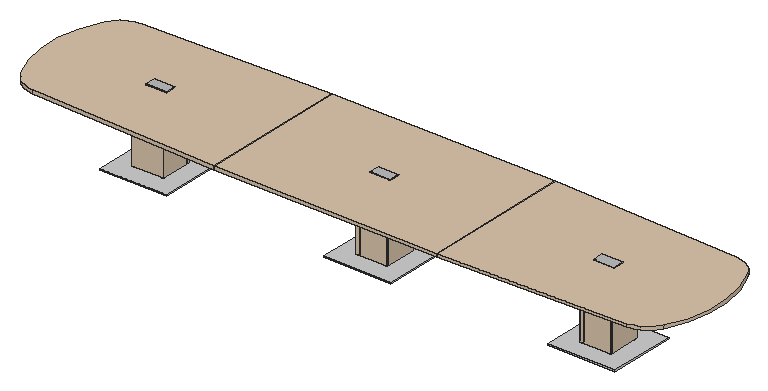
Revit family "Haworth_Planes_ColumnBaseConferenceTable_PebbleThreePiece", category Furniture Systems, Revit 2018 (continued)
Definition of nested family "Haworth_Planes_Worksurface_Pebble_3Piece_PART"
  Definition of nested family "Haworth_Planes_Worksurface_Pebble42_3Pieces_Part"
    Forms (in)
      Extrusion 23, solid, material <- "Table Finish", visible <- "228w"
        sketch origin (17.64649, -377.45182, 0) x (1, 0, 0) y (0, 1, 0)
          loop
            line (-55.48649, 371.61182) -> (20.19351, 371.61182) -> (20.19351, 413.29182) -> (-55.48649, 413.29182) -> (-55.48649, 371.61182)
        from 27.8125 to 29
      Extrusion 24, solid, material <- "Table Finish", visible <- "234w"
        sketch origin (18.19364, -421.47222, 0) x (1, 0, 0) y (0, 1, 0)
          loop
            line (-57.03364, 415.63222) -> (20.64636, 415.63222) -> (20.64636, 457.31222) -> (-57.03364, 457.31222) -> (-57.03364, 415.63222)
        from 27.8125 to 29
      Extrusion 25, solid, material <- "Table Finish", visible <- "246w"
        sketch origin (17.20454, -512.92819, 0) x (1, 0, 0) y (0, 1, 0)
          loop
            line (-58.04454, 507.08819) -> (23.63546, 507.08819) -> (23.63546, 548.76819) -> (-58.04454, 548.76819) -> (-58.04454, 507.08819)
        from 27.8125 to 29
      Extrusion 26, solid, material <- "Table Finish", visible <- "240w"
        sketch origin (17.20454, -467.44003, 0) x (1, 0, 0) y (0, 1, 0)
          loop
            line (-57.04454, 461.60003) -> (22.63546, 461.60003) -> (22.63546, 503.28003) -> (-57.04454, 503.28003) -> (-57.04454, 461.60003)
        from 28.625 to 29
      Extrusion 27, solid, material <- "Table Finish", visible <- "252w"
        sketch origin (17.90468, -559.1122, 0) x (1, 0, 0) y (0, 1, 0)
          loop
            line (-59.74468, 553.2722) -> (23.93532, 553.2722) -> (23.93532, 594.9522) -> (-59.74468, 594.9522) -> (-59.74468, 553.2722)
        from 27.8125 to 29
      Extrusion 28, solid, material <- "Table Finish", visible <- "258w"
        sketch origin (17.20091, -603.31711, 0) x (1, 0, 0) y (0, 1, 0)
          loop
            line (-60.04091, 597.47711) -> (25.63909, 597.47711) -> (25.63909, 639.15711) -> (-60.04091, 639.15711) -> (-60.04091, 597.47711)
        from 27.8125 to 29
      Extrusion 29, solid, material <- "Table Finish", visible <- "264w"
        sketch origin (17.90114, -649.50644, 0) x (1, 0, 0) y (0, 1, 0)
          loop
            line (-61.74114, 643.66644) -> (25.93886, 643.66644) -> (25.93886, 685.34644) -> (-61.74114, 685.34644) -> (-61.74114, 643.66644)
        from 27.8125 to 29
      Extrusion 30, solid, material <- "Table Finish", visible <- "270w"
        sketch origin (17.19219, -698.6424, 0) x (1, 0, 0) y (0, 1, 0)
          loop
            line (-62.03219, 692.8024) -> (27.64781, 692.8024) -> (27.64781, 734.4824) -> (-62.03219, 734.4824) -> (-62.03219, 692.8024)
        from 27.8125 to 29
    Lines and regions (in)
      Masking region 1, visible <- "186w"
        outline origin (0, 0, 0) x (1, 0, 0) y (0, 1, 0)
          loop
            arc (-30.84, 35.84) -> (-56.02055, 35.24743) -> (-81.13405, 33.31777) r 473.87927
            arc (-81.13405, 33.31777) -> (-87.98608, 30.24554) -> (-91.67053, 23.70231) r 12
            arc (-91.67053, 23.70231) -> (-92.52, 15) -> (-91.67053, 6.29769) r 45
            arc (-91.67053, 6.29769) -> (-87.98608, -0.24554) -> (-81.13405, -3.31777) r 12
            arc (-81.13405, -3.31777) -> (-56.02055, -5.24743) -> (-30.84, -5.84) r 473.87927
            line (-30.84, -5.84) -> (30.84, -5.84)
            arc (30.84, -5.84) -> (56.02055, -5.24743) -> (81.13405, -3.31777) r 473.87927
            arc (81.13405, -3.31777) -> (87.98608, -0.24554) -> (91.67053, 6.29769) r 12
            arc (91.67053, 6.29769) -> (92.52, 15) -> (91.67053, 23.70231) r 45
            arc (91.67053, 23.70231) -> (87.98608, 30.24554) -> (81.13405, 33.31777) r 12
            arc (81.13405, 33.31777) -> (56.02055, 35.24743) -> (30.84, 35.84) r 473.87927
            line (30.84, 35.84) -> (-30.84, 35.84)
      Masking region 2, visible <- "192w"
        outline origin (0, -111.73058, 0) x (1, 0, 0) y (0, 1, 0)
          loop
            arc (-84.08373, 108.40692) -> (-57.99392, 106.48333) -> (-31.84, 105.89058) r 513.65076
            line (-31.84, 105.89058) -> (31.84, 105.89058)
            arc (31.84, 105.89058) -> (57.99392, 106.48333) -> (84.08373, 108.40692) r 513.65076
            arc (84.08373, 108.40692) -> (90.96718, 111.46717) -> (94.67032, 118.02718) r 12
            arc (94.67032, 118.02718) -> (95.52, 126.73058) -> (94.67032, 135.43399) r 45
            arc (94.67032, 135.43399) -> (90.96718, 141.99399) -> (84.08373, 145.05424) r 12
            arc (84.08373, 145.05424) -> (57.99392, 146.97783) -> (31.84, 147.57058) r 513.65076
            line (31.84, 147.57058) -> (-31.84, 147.57058)
            arc (-31.84, 147.57058) -> (-57.99392, 146.97783) -> (-84.08373, 145.05424) r 513.65076
            arc (-84.08373, 145.05424) -> (-90.96718, 141.99399) -> (-94.67032, 135.43399) r 12
            arc (-94.67032, 135.43399) -> (-95.52, 126.73058) -> (-94.67032, 118.02718) r 45
            arc (-94.67032, 118.02718) -> (-90.96718, 111.46717) -> (-84.08373, 108.40692) r 12
      Masking region 3, visible <- "198w"
        outline origin (0, -157.5066, 0) x (1, 0, 0) y (0, 1, 0)
          loop
            arc (-97.67017, 163.80245) -> (-93.94987, 157.22704) -> (-87.03761, 154.17791) r 12
            arc (-87.03761, 154.17791) -> (-59.96952, 152.25944) -> (-32.84, 151.6666) r 554.88541
            line (-32.84, 151.6666) -> (32.84, 151.6666)
            arc (32.84, 151.6666) -> (59.96952, 152.25944) -> (87.03761, 154.17791) r 554.88541
            arc (87.03761, 154.17791) -> (93.94987, 157.22704) -> (97.67017, 163.80245) r 12
            arc (97.67017, 163.80245) -> (98.52, 172.5066) -> (97.67017, 181.21075) r 45
            arc (97.67017, 181.21075) -> (93.94987, 187.78616) -> (87.03761, 190.83529) r 12
            arc (87.03761, 190.83529) -> (59.96952, 192.75376) -> (32.84, 193.3466) r 554.88541
            line (32.84, 193.3466) -> (-32.84, 193.3466)
            arc (-32.84, 193.3466) -> (-59.96952, 192.75376) -> (-87.03761, 190.83529) r 554.88541
            arc (-87.03761, 190.83529) -> (-93.94987, 187.78616) -> (-97.67017, 181.21075) r 12
            arc (-97.67017, 181.21075) -> (-98.52, 172.5066) -> (-97.67017, 163.80245) r 45
      Masking region 4, visible <- "204w"
        outline origin (0, -201.97473, 0) x (1, 0, 0) y (0, 1, 0)
          loop
            arc (-100.67008, 225.67936) -> (-101.52, 216.97473) -> (-100.67008, 208.27011) r 45
            arc (-100.67008, 208.27011) -> (-96.93385, 201.68041) -> (-89.99485, 198.64169) r 12
            arc (-89.99485, 198.64169) -> (-61.9469, 196.72793) -> (-33.84, 196.13473) r 597.89526
            line (-33.84, 196.13473) -> (33.84, 196.13473)
            arc (33.84, 196.13473) -> (61.9469, 196.72793) -> (89.99485, 198.64169) r 597.89526
            arc (89.99485, 198.64169) -> (96.93385, 201.68041) -> (100.67008, 208.27011) r 12
            arc (100.67008, 208.27011) -> (101.52, 216.97473) -> (100.67008, 225.67936) r 45
            arc (100.67008, 225.67936) -> (96.93385, 232.26905) -> (89.99485, 235.30777) r 12
            arc (89.99485, 235.30777) -> (61.9469, 237.22154) -> (33.84, 237.81473) r 597.89526
            line (33.84, 237.81473) -> (-33.84, 237.81473)
            arc (-33.84, 237.81473) -> (-61.9469, 237.22154) -> (-89.99485, 235.30777) r 597.89526
            arc (-89.99485, 235.30777) -> (-96.93385, 232.26905) -> (-100.67008, 225.67936) r 12
      Masking region 5, visible <- "210w"
        outline origin (0, -246.44286, 0) x (1, 0, 0) y (0, 1, 0)
          loop
            arc (-103.67003, 270.14774) -> (-104.52, 261.44286) -> (-103.67003, 252.73799) r 45
            arc (-103.67003, 252.73799) -> (-99.91913, 246.13513) -> (-92.95552, 243.10609) r 12
            arc (-92.95552, 243.10609) -> (-63.92612, 241.19615) -> (-34.84, 240.60286) r 642.20942
            line (-34.84, 240.60286) -> (34.84, 240.60286)
            arc (34.84, 240.60286) -> (63.92612, 241.19615) -> (92.95552, 243.10609) r 642.20942
            arc (92.95552, 243.10609) -> (99.91913, 246.13513) -> (103.67003, 252.73799) r 12
            arc (103.67003, 252.73799) -> (104.52, 261.44286) -> (103.67003, 270.14774) r 45
            arc (103.67003, 270.14774) -> (99.91913, 276.75059) -> (92.95552, 279.77964) r 12
            arc (92.95552, 279.77964) -> (63.92612, 281.68958) -> (34.84, 282.28286) r 642.20942
            line (34.84, 282.28286) -> (-34.84, 282.28286)
            arc (-34.84, 282.28286) -> (-63.92612, 281.68958) -> (-92.95552, 279.77964) r 642.20942
            arc (-92.95552, 279.77964) -> (-99.91913, 276.75059) -> (-103.67003, 270.14774) r 12
      Masking region 6, visible <- "216w"
        outline origin (0, -290.47503, 0) x (1, 0, 0) y (0, 1, 0)
          loop
            arc (-106.67001, 296.77008) -> (-102.90539, 290.15493) -> (-95.91879, 287.13501) r 12
            arc (-95.91879, 287.13501) -> (-65.90671, 285.22868) -> (-35.84, 284.63503) r 688.34315
            line (-35.84, 284.63503) -> (35.84, 284.63503)
            arc (35.84, 284.63503) -> (65.90671, 285.22868) -> (95.91879, 287.13501) r 688.34315
            arc (95.91879, 287.13501) -> (102.90539, 290.15493) -> (106.67001, 296.77008) r 12
            arc (106.67001, 296.77008) -> (107.52, 305.47503) -> (106.67001, 314.17999) r 45
            arc (106.67001, 314.17999) -> (102.90539, 320.79513) -> (95.91879, 323.81505) r 12
            arc (95.91879, 323.81505) -> (65.90671, 325.72139) -> (35.84, 326.31503) r 688.34315
            line (35.84, 326.31503) -> (-35.84, 326.31503)
            arc (-35.84, 326.31503) -> (-65.90671, 325.72139) -> (-95.91879, 323.81505) r 688.34315
            arc (-95.91879, 323.81505) -> (-102.90539, 320.79513) -> (-106.67001, 314.17999) r 12
            arc (-106.67001, 314.17999) -> (-107.52, 305.47503) -> (-106.67001, 296.77008) r 45
      Masking region 7, visible <- "222w"
        outline origin (0, -334.07124, 0) x (1, 0, 0) y (0, 1, 0)
          loop
            arc (-109.67003, 357.77612) -> (-110.52, 349.07124) -> (-109.67003, 340.36635) r 45
            arc (-109.67003, 340.36635) -> (-105.89266, 333.73979) -> (-98.88471, 330.7284) r 12
            arc (-98.88471, 330.7284) -> (-67.88871, 328.82511) -> (-36.84, 328.23124) r 735.89145
            line (-36.84, 328.23124) -> (36.84, 328.23124)
            arc (36.84, 328.23124) -> (67.88871, 328.82511) -> (98.88471, 330.7284) r 735.89145
            arc (98.88471, 330.7284) -> (105.89266, 333.73979) -> (109.67003, 340.36635) r 12
            arc (109.67003, 340.36635) -> (110.52, 349.07124) -> (109.67003, 357.77612) r 45
            arc (109.67003, 357.77612) -> (105.89266, 364.40269) -> (98.88471, 367.41408) r 12
            arc (98.88471, 367.41408) -> (67.88871, 369.31737) -> (36.84, 369.91124) r 735.89145
            line (36.84, 369.91124) -> (-36.84, 369.91124)
            arc (-36.84, 369.91124) -> (-67.88871, 369.31737) -> (-98.88471, 367.41408) r 735.89145
            arc (-98.88471, 367.41408) -> (-105.89266, 364.40269) -> (-109.67003, 357.77612) r 12
      Masking region 8, visible <- "228w"
        outline origin (0, -377.45182, 0) x (1, 0, 0) y (0, 1, 0)
          loop
            arc (-112.67006, 401.15652) -> (-113.52, 392.45182) -> (-112.67006, 383.74712) r 45
            arc (-112.67006, 383.74712) -> (-108.88076, 377.10985) -> (-101.8528, 374.10652) r 12
            arc (-101.8528, 374.10652) -> (-69.87185, 372.20604) -> (-37.84, 371.61182) r 785.16071
            line (-37.84, 371.61182) -> (37.84, 371.61182)
            arc (37.84, 371.61182) -> (69.87185, 372.20604) -> (101.8528, 374.10652) r 785.16071
            arc (101.8528, 374.10652) -> (108.88076, 377.10985) -> (112.67006, 383.74712) r 12
            arc (112.67006, 383.74712) -> (113.52, 392.45182) -> (112.67006, 401.15652) r 45
            arc (112.67006, 401.15652) -> (108.88076, 407.79378) -> (101.8528, 410.79712) r 12
            arc (101.8528, 410.79712) -> (69.87185, 412.69759) -> (37.84, 413.29182) r 785.16071
            line (37.84, 413.29182) -> (-37.84, 413.29182)
            arc (-37.84, 413.29182) -> (-69.87185, 412.69759) -> (-101.8528, 410.79712) r 785.16071
            arc (-101.8528, 410.79712) -> (-108.88076, 407.79378) -> (-112.67006, 401.15652) r 12
      Masking region 9, visible <- "234w"
        outline origin (0, -421.47222, 0) x (1, 0, 0) y (0, 1, 0)
          loop
            arc (-115.67012, 445.17664) -> (-116.52, 436.47222) -> (-115.67012, 427.7678) r 45
            arc (-115.67012, 427.7678) -> (-111.86961, 421.1205) -> (-104.82291, 418.12477) r 12
            arc (-104.82291, 418.12477) -> (-71.85607, 416.22685) -> (-38.84, 415.63222) r 836.0676
            line (-38.84, 415.63222) -> (38.84, 415.63222)
            arc (38.84, 415.63222) -> (71.85607, 416.22685) -> (104.82291, 418.12477) r 836.0676
            arc (104.82291, 418.12477) -> (111.86961, 421.1205) -> (115.67012, 427.7678) r 12
            arc (115.67012, 427.7678) -> (116.52, 436.47222) -> (115.67012, 445.17664) r 45
            arc (115.67012, 445.17664) -> (111.86961, 451.82394) -> (104.82291, 454.81967) r 12
            arc (104.82291, 454.81967) -> (71.85607, 456.71759) -> (38.84, 457.31222) r 836.0676
            line (38.84, 457.31222) -> (-38.84, 457.31222)
            arc (-38.84, 457.31222) -> (-71.85607, 456.71759) -> (-104.82291, 454.81967) r 836.0676
            arc (-104.82291, 454.81967) -> (-111.86961, 451.82394) -> (-115.67012, 445.17664) r 12
      Masking region 10, visible <- "240w"
        outline origin (0, -467.44003, 0) x (1, 0, 0) y (0, 1, 0)
          loop
            arc (-118.67019, 491.1441) -> (-119.52, 482.44003) -> (-118.67019, 473.73596) r 45
            arc (-118.67019, 473.73596) -> (-114.85925, 467.07932) -> (-107.79509, 464.09071) r 12
            arc (-107.79509, 464.09071) -> (-73.84139, 462.19476) -> (-39.84, 461.60003) r 888.14604
            line (-39.84, 461.60003) -> (39.84, 461.60003)
            arc (39.84, 461.60003) -> (73.84139, 462.19476) -> (107.79509, 464.09071) r 888.14604
            arc (107.79509, 464.09071) -> (114.85925, 467.07932) -> (118.67019, 473.73596) r 12
            arc (118.67019, 473.73596) -> (119.52, 482.44003) -> (118.67019, 491.1441) r 45
            arc (118.67019, 491.1441) -> (114.85925, 497.80074) -> (107.79509, 500.78934) r 12
            arc (107.79509, 500.78934) -> (73.84139, 502.6853) -> (39.84, 503.28003) r 888.14604
            line (39.84, 503.28003) -> (-39.84, 503.28003)
            arc (-39.84, 503.28003) -> (-73.84139, 502.6853) -> (-107.79509, 500.78934) r 888.14604
            arc (-107.79509, 500.78934) -> (-114.85925, 497.80074) -> (-118.67019, 491.1441) r 12
      Masking region 11, visible <- "246w"
        outline origin (0, -512.92819, 0) x (1, 0, 0) y (0, 1, 0)
          loop
            arc (-121.67027, 536.63184) -> (-122.52, 527.92819) -> (-121.67027, 519.22454) r 45
            arc (-121.67027, 519.22454) -> (-117.84941, 512.55902) -> (-110.76866, 509.57722) r 12
            arc (-110.76866, 509.57722) -> (-75.82744, 507.68343) -> (-40.84, 507.08819) r 942.35922
            line (-40.84, 507.08819) -> (40.84, 507.08819)
            arc (40.84, 507.08819) -> (75.82744, 507.68343) -> (110.76866, 509.57722) r 942.35922
            arc (110.76866, 509.57722) -> (117.84941, 512.55902) -> (121.67027, 519.22454) r 12
            arc (121.67027, 519.22454) -> (122.52, 527.92819) -> (121.67027, 536.63184) r 45
            arc (121.67027, 536.63184) -> (117.84941, 543.29736) -> (110.76866, 546.27916) r 12
            arc (110.76866, 546.27916) -> (75.82744, 548.17295) -> (40.84, 548.76819) r 942.35922
            line (40.84, 548.76819) -> (-40.84, 548.76819)
            arc (-40.84, 548.76819) -> (-75.82744, 548.17295) -> (-110.76866, 546.27916) r 942.35922
            arc (-110.76866, 546.27916) -> (-117.84941, 543.29736) -> (-121.67027, 536.63184) r 12
      Masking region 12, visible <- "252w"
        outline origin (0, -559.1122, 0) x (1, 0, 0) y (0, 1, 0)
          loop
            arc (-124.67036, 582.81539) -> (-125.52, 574.1122) -> (-124.67036, 565.40901) r 45
            arc (-124.67036, 565.40901) -> (-120.84019, 558.73516) -> (-113.74388, 555.75979) r 12
            arc (-113.74388, 555.75979) -> (-77.81437, 553.86779) -> (-41.84, 553.2722) r 997.94026
            line (-41.84, 553.2722) -> (41.84, 553.2722)
            arc (41.84, 553.2722) -> (77.81437, 553.86779) -> (113.74388, 555.75979) r 997.94026
            arc (113.74388, 555.75979) -> (120.84019, 558.73516) -> (124.67036, 565.40901) r 12
            arc (124.67036, 565.40901) -> (125.52, 574.1122) -> (124.67036, 582.81539) r 45
            arc (124.67036, 582.81539) -> (120.84019, 589.48924) -> (113.74388, 592.46461) r 12
            arc (113.74388, 592.46461) -> (77.81437, 594.35661) -> (41.84, 594.9522) r 997.94026
            line (41.84, 594.9522) -> (-41.84, 594.9522)
            arc (-41.84, 594.9522) -> (-77.81437, 594.35661) -> (-113.74388, 592.46461) r 997.94026
            arc (-113.74388, 592.46461) -> (-120.84019, 589.48924) -> (-124.67036, 582.81539) r 12
      Masking region 13, visible <- "258w"
        outline origin (0, -603.31711, 0) x (1, 0, 0) y (0, 1, 0)
          loop
            arc (-127.67046, 627.01979) -> (-128.52, 618.31711) -> (-127.67046, 609.61443) r 45
            arc (-127.67046, 609.61443) -> (-123.83146, 602.93268) -> (-116.7204, 599.96342) r 12
            arc (-116.7204, 599.96342) -> (-79.80198, 598.0732) -> (-42.84, 597.47711) r 1055.35838
            line (-42.84, 597.47711) -> (42.84, 597.47711)
            arc (42.84, 597.47711) -> (79.80198, 598.0732) -> (116.7204, 599.96342) r 1055.35838
            arc (116.7204, 599.96342) -> (123.83146, 602.93268) -> (127.67046, 609.61443) r 12
            arc (127.67046, 609.61443) -> (128.52, 618.31711) -> (127.67046, 627.01979) r 45
            arc (127.67046, 627.01979) -> (123.83146, 633.70154) -> (116.7204, 636.67079) r 12
            arc (116.7204, 636.67079) -> (79.80198, 638.56101) -> (42.84, 639.15711) r 1055.35838
            line (42.84, 639.15711) -> (-42.84, 639.15711)
            arc (-42.84, 639.15711) -> (-79.80198, 638.56101) -> (-116.7204, 636.67079) r 1055.35838
            arc (-116.7204, 636.67079) -> (-123.83146, 633.70154) -> (-127.67046, 627.01979) r 12
      Masking region 14, visible <- "264w"
        outline origin (0, -649.50644, 0) x (1, 0, 0) y (0, 1, 0)
          loop
            arc (-130.67057, 673.20858) -> (-131.52, 664.50644) -> (-130.67057, 655.80429) r 45
            arc (-130.67057, 655.80429) -> (-126.82326, 649.1151) -> (-119.6983, 646.15164) r 12
            arc (-119.6983, 646.15164) -> (-81.79032, 644.26288) -> (-43.84, 643.66644) r 1114.12477
            line (-43.84, 643.66644) -> (43.84, 643.66644)
            arc (43.84, 643.66644) -> (81.79032, 644.26288) -> (119.6983, 646.15164) r 1114.12477
            arc (119.6983, 646.15164) -> (126.82326, 649.1151) -> (130.67057, 655.80429) r 12
            arc (130.67057, 655.80429) -> (131.52, 664.50644) -> (130.67057, 673.20858) r 45
            arc (130.67057, 673.20858) -> (126.82326, 679.89777) -> (119.6983, 682.86123) r 12
            arc (119.6983, 682.86123) -> (81.79032, 684.75) -> (43.84, 685.34644) r 1114.12477
            line (43.84, 685.34644) -> (-43.84, 685.34644)
            arc (-43.84, 685.34644) -> (-81.79032, 684.75) -> (-119.6983, 682.86123) r 1114.12477
            arc (-119.6983, 682.86123) -> (-126.82326, 679.89777) -> (-130.67057, 673.20858) r 12
      Masking region 15, visible <- "270w"
        outline origin (0, -698.6424, 0) x (1, 0, 0) y (0, 1, 0)
          loop
            arc (-44.84, 734.4824) -> (-83.77923, 733.88544) -> (-122.67728, 731.99818) r 1174.79849
            arc (-122.67728, 731.99818) -> (-129.81545, 729.04025) -> (-133.67068, 722.34398) r 12
            arc (-133.67068, 722.34398) -> (-134.52, 713.6424) -> (-133.67068, 704.94082) r 45
            arc (-133.67068, 704.94082) -> (-129.81545, 698.24455) -> (-122.67728, 695.28662) r 12
            arc (-122.67728, 695.28662) -> (-83.77923, 693.39936) -> (-44.84, 692.8024) r 1174.79849
            line (-44.84, 692.8024) -> (44.84, 692.8024)
            arc (44.84, 692.8024) -> (83.77923, 693.39936) -> (122.67728, 695.28662) r 1174.79849
            arc (122.67728, 695.28662) -> (129.81545, 698.24455) -> (133.67068, 704.94082) r 12
            arc (133.67068, 704.94082) -> (134.52, 713.6424) -> (133.67068, 722.34398) r 45
            arc (133.67068, 722.34398) -> (129.81545, 729.04025) -> (122.67728, 731.99818) r 12
            arc (122.67728, 731.99818) -> (83.77923, 733.88544) -> (44.84, 734.4824) r 1174.79849
            line (44.84, 734.4824) -> (-44.84, 734.4824)
      symbolic lines, visible <- "186w", detail levels medium+fine
        curve 1: line (-30.84, 35.84, 0) -> (-30.84, -5.84, 0)
        curve 2: line (30.84, 35.84, 0) -> (30.84, -5.84, 0)
      symbolic lines, visible <- "192w", detail levels medium+fine
        curve 3: line (31.84, -5.84, 0) -> (31.84, 35.84, 0)
        curve 17: line (-31.84, -5.84, 0) -> (-31.84, 35.84, 0)
      symbolic lines, visible <- "198w", detail levels medium+fine
        curve 4: line (32.84, 35.84, 0) -> (32.84, -5.84, 0)
        curve 18: line (-32.84, 35.84, 0) -> (-32.84, -5.84, 0)
      symbolic lines, visible <- "204w", detail levels medium+fine
        curve 5: line (33.84, -5.84, 0) -> (33.84, 35.84, 0)
        curve 19: line (-33.84, -5.84, 0) -> (-33.84, 35.84, 0)
      symbolic lines, visible <- "210w", detail levels medium+fine
        curve 6: line (34.84, 35.84, 0) -> (34.84, -5.84, 0)
        curve 20: line (-34.84, 35.84, 0) -> (-34.84, -5.84, 0)
      symbolic lines, visible <- "216w", detail levels medium+fine
        curve 7: line (35.84, -5.84, 0) -> (35.84, 35.84, 0)
        curve 21: line (-35.84, -5.84, 0) -> (-35.84, 35.84, 0)
      symbolic lines, visible <- "222w", detail levels medium+fine
        curve 8: line (36.84, 35.84, 0) -> (36.84, -5.84, 0)
        curve 22: line (-36.84, 35.84, 0) -> (-36.84, -5.84, 0)
      symbolic lines, visible <- "228w", detail levels medium+fine
        curve 9: line (37.84, -5.84, 0) -> (37.84, 35.84, 0)
        curve 23: line (-37.84, -5.84, 0) -> (-37.84, 35.84, 0)
      symbolic lines, visible <- "234w", detail levels medium+fine
        curve 10: line (38.84, 35.84, 0) -> (38.84, -5.84, 0)
        curve 24: line (-38.84, 35.84, 0) -> (-38.84, -5.84, 0)
      symbolic lines, visible <- "240w", detail levels medium+fine
        curve 11: line (39.84, -5.84, 0) -> (39.84, 35.84, 0)
        curve 25: line (-39.84, -5.84, 0) -> (-39.84, 35.84, 0)
      symbolic lines, visible <- "246w", detail levels medium+fine
        curve 12: line (40.84, 35.84, 0) -> (40.84, -5.84, 0)
        curve 26: line (-40.84, 35.84, 0) -> (-40.84, -5.84, 0)
      symbolic lines, visible <- "252w", detail levels medium+fine
        curve 13: line (41.84, -5.84, 0) -> (41.84, 35.84, 0)
        curve 27: line (-41.84, -5.84, 0) -> (-41.84, 35.84, 0)
      symbolic lines, visible <- "258w", detail levels medium+fine
        curve 14: line (42.84, 35.84, 0) -> (42.84, -5.84, 0)
        curve 28: line (-42.84, 35.84, 0) -> (-42.84, -5.84, 0)
      symbolic lines, visible <- "264w", detail levels medium+fine
        curve 15: line (43.84, -5.84, 0) -> (43.84, 35.84, 0)
        curve 29: line (-43.84, -5.84, 0) -> (-43.84, 35.84, 0)
      symbolic lines, visible <- "270w", detail levels medium+fine
        curve 16: line (44.84, 35.84, 0) -> (44.84, -5.84, 0)
        curve 30: line (-44.84, 35.84, 0) -> (-44.84, -5.84, 0)
    Dimensions and locks (in)
      "Thickness": plane 4 "Table Top" to plane 5 "Table Bottom"
      "Actual Height": plane 4 "Table Top" to level
      "Cutout Dimension": plane 6 "Cutout Top" to plane 7 "Cutout Bottom"
      plane 6 "Cutout Top" to plane 4 "Table Top" = 1"
      locked: plane 4 "Table Top" to plane 8 "KnifeEdge Middle" at 0.375
      aligned and locked: plane 4 "Table Top" to Extrusion 2
      aligned and locked: plane 4 "Table Top" to Extrusion 3
      aligned and locked: plane 4 "Table Top" to Extrusion 10
      aligned and locked: plane 4 "Table Top" to Extrusion 15
      aligned and locked: plane 4 "Table Top" to Extrusion 14
      aligned and locked: plane 4 "Table Top" to Extrusion 13
      aligned and locked: plane 4 "Table Top" to Extrusion 12
      aligned and locked: plane 4 "Table Top" to Extrusion 9
      aligned and locked: plane 4 "Table Top" to Extrusion 11
      aligned and locked: plane 4 "Table Top" to Extrusion 4
      aligned and locked: plane 4 "Table Top" to Extrusion 8
      aligned and locked: plane 4 "Table Top" to Extrusion 7
      aligned and locked: plane 4 "Table Top" to Extrusion 6
      aligned and locked: plane 4 "Table Top" to Extrusion 5
      aligned and locked: plane 4 "Table Top" to Extrusion 1
      aligned and locked: Extrusion 15 to plane 5 "Table Bottom"
      aligned and locked: Extrusion 14 to plane 5 "Table Bottom"
      aligned and locked: Extrusion 13 to plane 5 "Table Bottom"
      aligned and locked: Extrusion 12 to plane 5 "Table Bottom"
      aligned and locked: Extrusion 11 to plane 5 "Table Bottom"
      aligned and locked: Extrusion 10 to plane 5 "Table Bottom"
      aligned and locked: Extrusion 9 to plane 5 "Table Bottom"
      aligned and locked: Extrusion 8 to plane 5 "Table Bottom"
      aligned and locked: Extrusion 7 to plane 5 "Table Bottom"
      aligned and locked: Extrusion 6 to plane 5 "Table Bottom"
      aligned and locked: Extrusion 5 to plane 5 "Table Bottom"
      aligned and locked: Extrusion 4 to plane 5 "Table Bottom"
      aligned and locked: Extrusion 3 to plane 5 "Table Bottom"
      aligned and locked: Extrusion 2 to plane 5 "Table Bottom"
      aligned and locked: Extrusion 1 to plane 5 "Table Bottom"
      aligned and locked: plane 4 "Table Top" to Extrusion 16
      aligned and locked: plane 4 "Table Top" to Extrusion 17
      aligned and locked: plane 4 "Table Top" to Extrusion 18
      aligned and locked: plane 4 "Table Top" to Extrusion 19
      aligned and locked: plane 4 "Table Top" to Extrusion 20
      aligned and locked: plane 4 "Table Top" to Extrusion 21
      aligned and locked: plane 4 "Table Top" to Extrusion 22
      aligned and locked: plane 4 "Table Top" to Extrusion 23
      aligned and locked: plane 4 "Table Top" to Extrusion 24
      aligned and locked: plane 4 "Table Top" to Extrusion 26
      aligned and locked: plane 4 "Table Top" to Extrusion 30
      aligned and locked: plane 4 "Table Top" to Extrusion 29
      aligned and locked: plane 4 "Table Top" to Extrusion 28
      aligned and locked: plane 4 "Table Top" to Extrusion 27
      aligned and locked: plane 4 "Table Top" to Extrusion 25
      aligned and locked: Extrusion 30 to plane 5 "Table Bottom"
      aligned and locked: Extrusion 25 to plane 5 "Table Bottom"
      aligned and locked: Extrusion 29 to plane 5 "Table Bottom"
      aligned and locked: Extrusion 27 to plane 5 "Table Bottom"
      aligned and locked: Extrusion 28 to plane 5 "Table Bottom"
      aligned and locked: Extrusion 18 to plane 5 "Table Bottom"
      aligned and locked: Extrusion 23 to plane 5 "Table Bottom"
      aligned and locked: Extrusion 22 to plane 5 "Table Bottom"
      aligned and locked: plane 8 "KnifeEdge Middle" to Extrusion 26
      aligned and locked: Extrusion 19 to plane 5 "Table Bottom"
      aligned and locked: Extrusion 24 to plane 5 "Table Bottom"
      aligned and locked: Extrusion 20 to plane 5 "Table Bottom"
      aligned and locked: Extrusion 21 to plane 5 "Table Bottom"
      aligned and locked: Extrusion 16 to plane 5 "Table Bottom"
      aligned and locked: Extrusion 17 to plane 5 "Table Bottom"
    Automatic sketch dimensions
      Extrusion 1 sketch curve to plane 3 "Center L/R" = 79.89706"
      Extrusion 1 sketch curve to Extrusion 1 sketch curve = 0"  (x10)
      Extrusion 1 sketch curve to Extrusion 1 sketch curve = 32.37706"  (x2)
      Extrusion 1 sketch curve to plane 3 "Center L/R" = 32.2855"  (x2)
      Extrusion 1 sketch curve to Extrusion 1 sketch curve = 16.68"  (x2)
      plane 3 "Center L/R" to Extrusion 1 sketch curve = 30.84"
      plane 3 "Center L/R" to Extrusion 1 sketch curve = 32.2855"  (x2)
      plane 1 "Center F/B" to Extrusion 1 sketch curve = 453.03706"
      plane 1 "Center F/B" to Extrusion 1 sketch curve = 20.84"  (x2)
      Extrusion 1 sketch curve to Extrusion 1 sketch curve = 14.4583"  (x2)
      Extrusion 1 sketch curve to Extrusion 1 sketch curve = 20.84"  (x4)
      Extrusion 1 sketch curve to Extrusion 1 sketch curve = 12.76339"  (x2)
      Extrusion 1 sketch curve to Extrusion 1 sketch curve = 432.19706"
      Extrusion 2 sketch curve to plane 3 "Center L/R" = 82.8969"
      Extrusion 2 sketch curve to Extrusion 2 sketch curve = 0"  (x11)
      Extrusion 2 sketch curve to Extrusion 2 sketch curve = 32.3769"  (x2)
      Extrusion 2 sketch curve to plane 3 "Center L/R" = 33.28238"  (x2)
      Extrusion 2 sketch curve to Extrusion 2 sketch curve = 18.68"  (x2)
      plane 3 "Center L/R" to Extrusion 2 sketch curve = 31.84"
      plane 3 "Center L/R" to Extrusion 2 sketch curve = 33.28238"  (x2)
      plane 1 "Center F/B" to Extrusion 2 sketch curve = 492.80874"
      plane 1 "Center F/B" to Extrusion 2 sketch curve = 20.84"
      Extrusion 2 sketch curve to Extrusion 2 sketch curve = 14.4575"  (x2)
      Extrusion 2 sketch curve to Extrusion 2 sketch curve = 20.84"  (x4)
      Extrusion 2 sketch curve to Extrusion 2 sketch curve = 12.76499"  (x2)
      Extrusion 2 sketch curve to Extrusion 2 sketch curve = 471 31/32"
      Extrusion 4 sketch curve to plane 3 "Center L/R" = 88.89672"
      Extrusion 4 sketch curve to Extrusion 4 sketch curve = 0"  (x11)
      Extrusion 4 sketch curve to Extrusion 4 sketch curve = 32.37672"  (x2)
      Extrusion 4 sketch curve to plane 3 "Center L/R" = 35.28122"  (x2)
      Extrusion 4 sketch curve to Extrusion 4 sketch curve = 22.68"  (x2)
      plane 3 "Center L/R" to Extrusion 4 sketch curve = 33.84"
      plane 3 "Center L/R" to Extrusion 4 sketch curve = 35.28122"  (x2)
      plane 1 "Center F/B" to Extrusion 4 sketch curve = 577.05353"
      plane 1 "Center F/B" to Extrusion 4 sketch curve = 20.84"
      Extrusion 4 sketch curve to Extrusion 4 sketch curve = 14.45661"  (x2)
      Extrusion 4 sketch curve to Extrusion 4 sketch curve = 20.84"  (x4)
      Extrusion 4 sketch curve to Extrusion 4 sketch curve = 12.76678"  (x2)
      Extrusion 4 sketch curve to Extrusion 4 sketch curve = 556.21353"
      Extrusion 3 sketch curve to plane 3 "Center L/R" = 85.89679"
      Extrusion 3 sketch curve to Extrusion 3 sketch curve = 0"  (x11)
      Extrusion 3 sketch curve to Extrusion 3 sketch curve = 32.37679"  (x2)
      Extrusion 3 sketch curve to plane 3 "Center L/R" = 34.28583"  (x2)
      Extrusion 3 sketch curve to Extrusion 3 sketch curve = 20.68"  (x2)
      plane 3 "Center L/R" to Extrusion 3 sketch curve = 32.84"
      plane 3 "Center L/R" to Extrusion 3 sketch curve = 34.28583"  (x2)
      plane 1 "Center F/B" to Extrusion 3 sketch curve = 534.04352"
      plane 1 "Center F/B" to Extrusion 3 sketch curve = 20.84"
      Extrusion 3 sketch curve to Extrusion 3 sketch curve = 14.45696"  (x2)
      Extrusion 3 sketch curve to Extrusion 3 sketch curve = 20.84"  (x4)
      Extrusion 3 sketch curve to Extrusion 3 sketch curve = 12.76609"  (x2)
      Extrusion 3 sketch curve to Extrusion 3 sketch curve = 513.20352"
      Extrusion 5 sketch curve to plane 3 "Center L/R" = 91.89669"
      Extrusion 5 sketch curve to Extrusion 5 sketch curve = 0"  (x11)
      Extrusion 5 sketch curve to Extrusion 5 sketch curve = 32.37669"  (x2)
      Extrusion 5 sketch curve to plane 3 "Center L/R" = 36.28966"  (x2)
      Extrusion 5 sketch curve to Extrusion 5 sketch curve = 24.68"  (x2)
      plane 3 "Center L/R" to Extrusion 5 sketch curve = 34.84"
      plane 3 "Center L/R" to Extrusion 5 sketch curve = 36.28966"  (x2)
      plane 1 "Center F/B" to Extrusion 5 sketch curve = 621.36778"
      plane 1 "Center F/B" to Extrusion 5 sketch curve = 20.84"
      Extrusion 5 sketch curve to Extrusion 5 sketch curve = 14.45642"  (x2)
      Extrusion 5 sketch curve to Extrusion 5 sketch curve = 20.84"  (x4)
      Extrusion 5 sketch curve to Extrusion 5 sketch curve = 12.76715"  (x2)
      Extrusion 5 sketch curve to Extrusion 5 sketch curve = 600.52778"
      Extrusion 6 sketch curve to plane 3 "Center L/R" = 94.89668"
      Extrusion 6 sketch curve to Extrusion 6 sketch curve = 0"  (x11)
      Extrusion 6 sketch curve to Extrusion 6 sketch curve = 32.37668"  (x2)
      Extrusion 6 sketch curve to plane 3 "Center L/R" = 37.2884"  (x2)
      Extrusion 6 sketch curve to Extrusion 6 sketch curve = 26.68"  (x2)
      plane 3 "Center L/R" to Extrusion 6 sketch curve = 35.84"
      plane 3 "Center L/R" to Extrusion 6 sketch curve = 37.2884"  (x2)
      plane 1 "Center F/B" to Extrusion 6 sketch curve = 667.50163"
      plane 1 "Center F/B" to Extrusion 6 sketch curve = 20.84"
      Extrusion 6 sketch curve to Extrusion 6 sketch curve = 14.45637"  (x2)
      Extrusion 6 sketch curve to Extrusion 6 sketch curve = 6.38363"  (x2)
      Extrusion 6 sketch curve to Extrusion 6 sketch curve = 12.76727"  (x2)
      Extrusion 6 sketch curve to Extrusion 6 sketch curve = 20.84"  (x2)
      Extrusion 6 sketch curve to Extrusion 6 sketch curve = 646.66163"
      Extrusion 7 sketch curve to plane 3 "Center L/R" = 97.89669"
      Extrusion 7 sketch curve to Extrusion 7 sketch curve = 0"  (x11)
      Extrusion 7 sketch curve to Extrusion 7 sketch curve = 32.37669"  (x2)
      Extrusion 7 sketch curve to plane 3 "Center L/R" = 38.29469"  (x2)
      Extrusion 7 sketch curve to Extrusion 7 sketch curve = 28.68"  (x2)
      plane 3 "Center L/R" to Extrusion 7 sketch curve = 36.84"
      plane 3 "Center L/R" to Extrusion 7 sketch curve = 38.29469"  (x2)
      plane 1 "Center F/B" to Extrusion 7 sketch curve = 715.05001"
      plane 1 "Center F/B" to Extrusion 7 sketch curve = 20.84"
      Extrusion 7 sketch curve to Extrusion 7 sketch curve = 14.45642"  (x2)
      Extrusion 7 sketch curve to Extrusion 7 sketch curve = 6.38358"  (x2)
      Extrusion 7 sketch curve to Extrusion 7 sketch curve = 12.76717"  (x2)
      Extrusion 7 sketch curve to Extrusion 7 sketch curve = 20.84"  (x2)
      Extrusion 7 sketch curve to Extrusion 7 sketch curve = 694.21001"
      Extrusion 8 sketch curve to plane 3 "Center L/R" = 100.89671"
      Extrusion 8 sketch curve to Extrusion 8 sketch curve = 0"  (x11)
      Extrusion 8 sketch curve to Extrusion 8 sketch curve = 32.37671"  (x2)
      Extrusion 8 sketch curve to plane 3 "Center L/R" = 39.29586"  (x2)
      Extrusion 8 sketch curve to Extrusion 8 sketch curve = 30.68"  (x2)
      plane 3 "Center L/R" to Extrusion 8 sketch curve = 37.84"
      plane 3 "Center L/R" to Extrusion 8 sketch curve = 39.29586"  (x2)
      plane 1 "Center F/B" to Extrusion 8 sketch curve = 764.31936"
      plane 1 "Center F/B" to Extrusion 8 sketch curve = 20.84"
      Extrusion 8 sketch curve to Extrusion 8 sketch curve = 14.45655"  (x2)
      Extrusion 8 sketch curve to Extrusion 8 sketch curve = 6.38345"  (x2)
      Extrusion 8 sketch curve to Extrusion 8 sketch curve = 12.7669"  (x2)
      Extrusion 8 sketch curve to Extrusion 8 sketch curve = 20.84"  (x2)
      Extrusion 8 sketch curve to Extrusion 8 sketch curve = 743.47936"
      Extrusion 9 sketch curve to plane 3 "Center L/R" = 103.89675"
      Extrusion 9 sketch curve to Extrusion 9 sketch curve = 0"  (x11)
      Extrusion 9 sketch curve to Extrusion 9 sketch curve = 32.37675"  (x2)
      Extrusion 9 sketch curve to plane 3 "Center L/R" = 40.29554"  (x2)
      Extrusion 9 sketch curve to Extrusion 9 sketch curve = 32.68"  (x2)
      plane 3 "Center L/R" to Extrusion 9 sketch curve = 38.84"
      plane 3 "Center L/R" to Extrusion 9 sketch curve = 40.29554"  (x2)
      plane 1 "Center F/B" to Extrusion 9 sketch curve = 815.22633"
      plane 1 "Center F/B" to Extrusion 9 sketch curve = 20.84"
      Extrusion 9 sketch curve to Extrusion 9 sketch curve = 14.45676"  (x2)
      Extrusion 9 sketch curve to Extrusion 9 sketch curve = 6.38324"  (x2)
      Extrusion 9 sketch curve to Extrusion 9 sketch curve = 12.76649"  (x2)
      Extrusion 9 sketch curve to Extrusion 9 sketch curve = 20.84"  (x2)
      Extrusion 9 sketch curve to Extrusion 9 sketch curve = 794.38633"
      Extrusion 10 sketch curve to plane 3 "Center L/R" = 106.89681"
      Extrusion 10 sketch curve to Extrusion 10 sketch curve = 0"  (x11)
      Extrusion 10 sketch curve to Extrusion 10 sketch curve = 32.37681"  (x2)
      Extrusion 10 sketch curve to plane 3 "Center L/R" = 41.31098"  (x2)
      Extrusion 10 sketch curve to Extrusion 10 sketch curve = 34.68"  (x2)
      plane 3 "Center L/R" to Extrusion 10 sketch curve = 39.84"
      plane 3 "Center L/R" to Extrusion 10 sketch curve = 41.31098"  (x2)
      plane 1 "Center F/B" to Extrusion 10 sketch curve = 867.30482"
      plane 1 "Center F/B" to Extrusion 10 sketch curve = 20.84"
      Extrusion 10 sketch curve to Extrusion 10 sketch curve = 14 117/256"  (x2)
      Extrusion 10 sketch curve to Extrusion 10 sketch curve = 6.38298"  (x2)
      Extrusion 10 sketch curve to Extrusion 10 sketch curve = 12.76597"  (x2)
      Extrusion 10 sketch curve to Extrusion 10 sketch curve = 20.84"  (x2)
      Extrusion 10 sketch curve to Extrusion 10 sketch curve = 846.46482"
      Extrusion 11 sketch curve to plane 3 "Center L/R" = 109.89687"
      Extrusion 11 sketch curve to Extrusion 11 sketch curve = 0"  (x11)
      Extrusion 11 sketch curve to Extrusion 11 sketch curve = 32.37687"  (x2)
      Extrusion 11 sketch curve to plane 3 "Center L/R" = 42.30646"  (x2)
      Extrusion 11 sketch curve to Extrusion 11 sketch curve = 36.68"  (x2)
      plane 3 "Center L/R" to Extrusion 11 sketch curve = 40.84"
      plane 3 "Center L/R" to Extrusion 11 sketch curve = 42.30646"  (x2)
      plane 1 "Center F/B" to Extrusion 11 sketch curve = 921.51808"
      plane 1 "Center F/B" to Extrusion 11 sketch curve = 20.84"
      Extrusion 11 sketch curve to Extrusion 11 sketch curve = 14.45732"  (x2)
      Extrusion 11 sketch curve to Extrusion 11 sketch curve = 6.38268"  (x2)
      Extrusion 11 sketch curve to Extrusion 11 sketch curve = 12.76536"  (x2)
      Extrusion 11 sketch curve to Extrusion 11 sketch curve = 41.68"  (x2)
      Extrusion 11 sketch curve to Extrusion 11 sketch curve = 900.67808"
      Extrusion 13 sketch curve to plane 3 "Center L/R" = 115.89701"
      Extrusion 13 sketch curve to Extrusion 13 sketch curve = 0"  (x11)
      Extrusion 13 sketch curve to Extrusion 13 sketch curve = 32.37701"  (x2)
      Extrusion 13 sketch curve to plane 3 "Center L/R" = 44.30581"  (x2)
      Extrusion 13 sketch curve to Extrusion 13 sketch curve = 40.68"  (x2)
      plane 3 "Center L/R" to Extrusion 13 sketch curve = 42.84"
      plane 3 "Center L/R" to Extrusion 13 sketch curve = 44.30581"  (x2)
      plane 1 "Center F/B" to Extrusion 13 sketch curve = 1034.51736"
      plane 1 "Center F/B" to Extrusion 13 sketch curve = 20.84"
      Extrusion 13 sketch curve to Extrusion 13 sketch curve = 14.45803"  (x2)
      Extrusion 13 sketch curve to Extrusion 13 sketch curve = 6.38197"  (x2)
      Extrusion 13 sketch curve to Extrusion 13 sketch curve = 12.76393"  (x2)
      Extrusion 13 sketch curve to Extrusion 13 sketch curve = 41.68"  (x2)
      Extrusion 13 sketch curve to Extrusion 13 sketch curve = 1013.67736"
      Extrusion 12 sketch curve to plane 3 "Center L/R" = 112.89693"
      Extrusion 12 sketch curve to Extrusion 12 sketch curve = 0"  (x11)
      Extrusion 12 sketch curve to Extrusion 12 sketch curve = 32.37693"  (x2)
      Extrusion 12 sketch curve to plane 3 "Center L/R" = 43.31024"  (x2)
      Extrusion 12 sketch curve to Extrusion 12 sketch curve = 38.68"  (x2)
      plane 3 "Center L/R" to Extrusion 12 sketch curve = 41.84"
      plane 3 "Center L/R" to Extrusion 12 sketch curve = 43.31024"  (x2)
      plane 1 "Center F/B" to Extrusion 12 sketch curve = 977.09918"
      plane 1 "Center F/B" to Extrusion 12 sketch curve = 20.84"
      Extrusion 12 sketch curve to Extrusion 12 sketch curve = 14.45766"  (x2)
      Extrusion 12 sketch curve to Extrusion 12 sketch curve = 6.38234"  (x2)
      Extrusion 12 sketch curve to Extrusion 12 sketch curve = 12.76467"  (x2)
      Extrusion 12 sketch curve to Extrusion 12 sketch curve = 41.68"  (x2)
      Extrusion 12 sketch curve to Extrusion 12 sketch curve = 956.25918"
      Extrusion 14 sketch curve to plane 3 "Center L/R" = 118.89708"
      Extrusion 14 sketch curve to Extrusion 14 sketch curve = 0"  (x11)
      Extrusion 14 sketch curve to Extrusion 14 sketch curve = 32.37708"  (x2)
      Extrusion 14 sketch curve to plane 3 "Center L/R" = 45.30989"  (x2)
      Extrusion 14 sketch curve to Extrusion 14 sketch curve = 42.68"  (x2)
      plane 3 "Center L/R" to Extrusion 14 sketch curve = 43.84"
      plane 3 "Center L/R" to Extrusion 14 sketch curve = 45.30989"  (x2)
      plane 1 "Center F/B" to Extrusion 14 sketch curve = 1093.28381"
      plane 1 "Center F/B" to Extrusion 14 sketch curve = 20.84"
      Extrusion 14 sketch curve to Extrusion 14 sketch curve = 14.45843"  (x2)
      Extrusion 14 sketch curve to Extrusion 14 sketch curve = 6.38157"  (x2)
      Extrusion 14 sketch curve to Extrusion 14 sketch curve = 12.76315"  (x2)
      Extrusion 14 sketch curve to Extrusion 14 sketch curve = 41.68"  (x2)
      Extrusion 14 sketch curve to Extrusion 14 sketch curve = 1072.44381"
      Extrusion 15 sketch curve to plane 3 "Center L/R" = 121.89716"
      Extrusion 15 sketch curve to Extrusion 15 sketch curve = 0"  (x11)
      Extrusion 15 sketch curve to Extrusion 15 sketch curve = 32.37716"  (x2)
      Extrusion 15 sketch curve to plane 3 "Center L/R" = 46.30392"  (x2)
      Extrusion 15 sketch curve to Extrusion 15 sketch curve = 44.68"  (x2)
      plane 3 "Center L/R" to Extrusion 15 sketch curve = 44.84"
      plane 3 "Center L/R" to Extrusion 15 sketch curve = 46.30392"  (x2)
      plane 1 "Center F/B" to Extrusion 15 sketch curve = 1153.95757"
      plane 1 "Center F/B" to Extrusion 15 sketch curve = 20.84"
      Extrusion 15 sketch curve to Extrusion 15 sketch curve = 14.45884"  (x2)
      Extrusion 15 sketch curve to Extrusion 15 sketch curve = 6.38116"  (x2)
      Extrusion 15 sketch curve to Extrusion 15 sketch curve = 12.76232"  (x2)
      Extrusion 15 sketch curve to Extrusion 15 sketch curve = 41.68"  (x2)
      Extrusion 15 sketch curve to Extrusion 15 sketch curve = 1133.11757"
      Extrusion 16 sketch curve to plane 3 "Center L/R" = 30.84"
      plane 3 "Center L/R" to Extrusion 16 sketch curve = 30.84"
      plane 1 "Center F/B" to Extrusion 16 sketch curve = 20.84"
      Extrusion 16 sketch curve to Extrusion 16 sketch curve = 41.68"
      Extrusion 17 sketch curve to plane 3 "Center L/R" = 31.84"
      plane 3 "Center L/R" to Extrusion 17 sketch curve = 31.84"
      plane 1 "Center F/B" to Extrusion 17 sketch curve = 20.84"
      Extrusion 17 sketch curve to Extrusion 17 sketch curve = 41.68"
      Extrusion 18 sketch curve to plane 3 "Center L/R" = 32.84"
      plane 3 "Center L/R" to Extrusion 18 sketch curve = 32.84"
      plane 1 "Center F/B" to Extrusion 18 sketch curve = 20.84"
      Extrusion 18 sketch curve to Extrusion 18 sketch curve = 41.68"
      Extrusion 19 sketch curve to plane 3 "Center L/R" = 33.84"
      plane 3 "Center L/R" to Extrusion 19 sketch curve = 33.84"
      plane 1 "Center F/B" to Extrusion 19 sketch curve = 20.84"
      Extrusion 19 sketch curve to Extrusion 19 sketch curve = 41.68"
      Extrusion 20 sketch curve to plane 3 "Center L/R" = 34.84"
      plane 3 "Center L/R" to Extrusion 20 sketch curve = 34.84"
      plane 1 "Center F/B" to Extrusion 20 sketch curve = 20.84"
      Extrusion 20 sketch curve to Extrusion 20 sketch curve = 41.68"
      Extrusion 21 sketch curve to plane 3 "Center L/R" = 35.84"
      plane 3 "Center L/R" to Extrusion 21 sketch curve = 35.84"
      plane 1 "Center F/B" to Extrusion 21 sketch curve = 20.84"
      Extrusion 21 sketch curve to Extrusion 21 sketch curve = 41.68"
      Extrusion 22 sketch curve to plane 3 "Center L/R" = 36.84"
      plane 3 "Center L/R" to Extrusion 22 sketch curve = 36.84"
      plane 1 "Center F/B" to Extrusion 22 sketch curve = 20.84"
      Extrusion 22 sketch curve to Extrusion 22 sketch curve = 41.68"
      Extrusion 23 sketch curve to plane 3 "Center L/R" = 37.84"
      plane 3 "Center L/R" to Extrusion 23 sketch curve = 37.84"
      plane 1 "Center F/B" to Extrusion 23 sketch curve = 20.84"
      Extrusion 23 sketch curve to Extrusion 23 sketch curve = 41.68"
      Extrusion 24 sketch curve to plane 3 "Center L/R" = 38.84"
      plane 3 "Center L/R" to Extrusion 24 sketch curve = 38.84"
      plane 1 "Center F/B" to Extrusion 24 sketch curve = 20.84"
      Extrusion 24 sketch curve to Extrusion 24 sketch curve = 41.68"
      Extrusion 25 sketch curve to plane 3 "Center L/R" = 40.84"
      plane 3 "Center L/R" to Extrusion 25 sketch curve = 40.84"
      plane 1 "Center F/B" to Extrusion 25 sketch curve = 20.84"
      Extrusion 25 sketch curve to Extrusion 25 sketch curve = 41.68"
      Extrusion 26 sketch curve to plane 3 "Center L/R" = 39.84"
      plane 3 "Center L/R" to Extrusion 26 sketch curve = 39.84"
      plane 1 "Center F/B" to Extrusion 26 sketch curve = 20.84"
      Extrusion 26 sketch curve to Extrusion 26 sketch curve = 41.68"
      Extrusion 27 sketch curve to plane 3 "Center L/R" = 41.84"
      plane 3 "Center L/R" to Extrusion 27 sketch curve = 41.84"
      plane 1 "Center F/B" to Extrusion 27 sketch curve = 20.84"
      Extrusion 27 sketch curve to Extrusion 27 sketch curve = 41.68"
      Extrusion 28 sketch curve to plane 3 "Center L/R" = 42.84"
      plane 3 "Center L/R" to Extrusion 28 sketch curve = 42.84"
      plane 1 "Center F/B" to Extrusion 28 sketch curve = 20.84"
      Extrusion 28 sketch curve to Extrusion 28 sketch curve = 41.68"
      Extrusion 29 sketch curve to plane 3 "Center L/R" = 43.84"
      plane 3 "Center L/R" to Extrusion 29 sketch curve = 43.84"
      plane 1 "Center F/B" to Extrusion 29 sketch curve = 20.84"
      Extrusion 29 sketch curve to Extrusion 29 sketch curve = 41.68"
      Extrusion 30 sketch curve to plane 3 "Center L/R" = 44.84"
      plane 3 "Center L/R" to Extrusion 30 sketch curve = 44.84"
      plane 1 "Center F/B" to Extrusion 30 sketch curve = 20.84"
      Extrusion 30 sketch curve to Extrusion 30 sketch curve = 41.68"
      plane 1 "Center F/B" to Masking region 1 sketch curve = 0"  (x2)
      plane 1 "Center F/B" to Masking region 1 sketch curve = 6.3817"  (x2)
      Masking region 1 sketch curve to plane 3 "Center L/R" = 79.89706"
      Masking region 1 sketch curve to Masking region 1 sketch curve = 0"  (x10)
      Masking region 1 sketch curve to Masking region 1 sketch curve = 32.37706"  (x2)
      Masking region 1 sketch curve to plane 3 "Center L/R" = 32.2855"  (x2)
      plane 3 "Center L/R" to Masking region 1 sketch curve = 30.84"
      plane 3 "Center L/R" to Masking region 1 sketch curve = 32.2855"  (x2)
      Masking region 1 sketch curve to Masking region 1 sketch curve = 16.68"  (x4)
      Masking region 1 sketch curve to plane 1 "Center F/B" = 6.3817"  (x2)
      Masking region 1 sketch curve to Masking region 1 sketch curve = 432.19706"
      Masking region 1 sketch curve to Masking region 1 sketch curve = 1.23699"
      plane 1 "Center F/B" to Masking region 1 sketch curve = 20.84"
      Masking region 1 sketch curve to plane 1 "Center F/B" = 20.84"
      Masking region 2 sketch curve to plane 3 "Center L/R" = 82.8969"
      Masking region 2 sketch curve to Masking region 2 sketch curve = 0"  (x10)
      Masking region 2 sketch curve to Masking region 2 sketch curve = 32.3769"  (x2)
      Masking region 2 sketch curve to plane 3 "Center L/R" = 33.28238"  (x2)
      Masking region 2 sketch curve to Masking region 2 sketch curve = 18.68"  (x4)
      plane 3 "Center L/R" to Masking region 2 sketch curve = 31.84"
      plane 3 "Center L/R" to Masking region 2 sketch curve = 33.28238"  (x2)
      plane 1 "Center F/B" to Masking region 2 sketch curve = 492.80874"
      plane 1 "Center F/B" to Masking region 2 sketch curve = 6.3825"
      Masking region 2 sketch curve to Masking region 2 sketch curve = 6.3825"  (x2)
      Masking region 2 sketch curve to Masking region 2 sketch curve = 12.76499"  (x2)
      Masking region 2 sketch curve to Masking region 2 sketch curve = 20.84"
      Masking region 2 sketch curve to Masking region 2 sketch curve = 471 31/32"
      Masking region 2 sketch curve to Masking region 2 sketch curve = 1.18683"  (x2)
      Masking region 3 sketch curve to plane 3 "Center L/R" = 85.89679"
      Masking region 3 sketch curve to Masking region 3 sketch curve = 0"  (x10)
      Masking region 3 sketch curve to Masking region 3 sketch curve = 32.37679"  (x2)
      Masking region 3 sketch curve to plane 3 "Center L/R" = 34.28583"  (x2)
      Masking region 3 sketch curve to Masking region 3 sketch curve = 20.68"  (x4)
      plane 3 "Center L/R" to Masking region 3 sketch curve = 32.84"
      plane 3 "Center L/R" to Masking region 3 sketch curve = 34.28583"  (x2)
      plane 1 "Center F/B" to Masking region 3 sketch curve = 534.04352"
      plane 1 "Center F/B" to Masking region 3 sketch curve = 6.38304"
      Masking region 3 sketch curve to Masking region 3 sketch curve = 6.38304"  (x2)
      Masking region 3 sketch curve to Masking region 3 sketch curve = 12.76609"  (x2)
      Masking region 3 sketch curve to Masking region 3 sketch curve = 20.84"
      Masking region 3 sketch curve to Masking region 3 sketch curve = 513.20352"
      Masking region 3 sketch curve to Masking region 3 sketch curve = 1.14081"  (x2)
      Masking region 4 sketch curve to Masking region 4 sketch curve = 0"  (x11)
      Masking region 4 sketch curve to Masking region 4 sketch curve = 32.37672"  (x2)
      Masking region 4 sketch curve to plane 3 "Center L/R" = 35.28122"  (x2)
      Masking region 4 sketch curve to Masking region 4 sketch curve = 22.68"  (x4)
      plane 3 "Center L/R" to Masking region 4 sketch curve = 33.84"
      plane 3 "Center L/R" to Masking region 4 sketch curve = 35.28122"  (x2)
      plane 1 "Center F/B" to Masking region 4 sketch curve = 577.05353"
      plane 1 "Center F/B" to Masking region 4 sketch curve = 6.38339"
      Masking region 4 sketch curve to Masking region 4 sketch curve = 6.38339"  (x2)
      Masking region 4 sketch curve to Masking region 4 sketch curve = 12.76678"  (x2)
      Masking region 4 sketch curve to Masking region 4 sketch curve = 20.84"
      Masking region 4 sketch curve to Masking region 4 sketch curve = 556.21353"
      Masking region 4 sketch curve to Masking region 4 sketch curve = 1.09812"  (x2)
      Masking region 5 sketch curve to Masking region 5 sketch curve = 0"  (x11)
      Masking region 5 sketch curve to Masking region 5 sketch curve = 32.37669"  (x2)
      Masking region 5 sketch curve to plane 3 "Center L/R" = 36.28966"  (x2)
      Masking region 5 sketch curve to Masking region 5 sketch curve = 24.68"  (x4)
      plane 3 "Center L/R" to Masking region 5 sketch curve = 34.84"
      plane 3 "Center L/R" to Masking region 5 sketch curve = 36.28966"  (x2)
      plane 1 "Center F/B" to Masking region 5 sketch curve = 621.36778"
      plane 1 "Center F/B" to Masking region 5 sketch curve = 6.38358"
      Masking region 5 sketch curve to Masking region 5 sketch curve = 6.38358"  (x2)
      Masking region 5 sketch curve to Masking region 5 sketch curve = 12.76715"  (x2)
      Masking region 5 sketch curve to Masking region 5 sketch curve = 20.84"
      Masking region 5 sketch curve to Masking region 5 sketch curve = 600.52778"
      Masking region 5 sketch curve to Masking region 5 sketch curve = 1.05883"  (x2)
      Masking region 6 sketch curve to Masking region 6 sketch curve = 0"  (x11)
      Masking region 6 sketch curve to Masking region 6 sketch curve = 32.37668"  (x2)
      Masking region 6 sketch curve to plane 3 "Center L/R" = 37.2884"  (x2)
      Masking region 6 sketch curve to Masking region 6 sketch curve = 26.68"  (x4)
      plane 3 "Center L/R" to Masking region 6 sketch curve = 35.84"
      plane 3 "Center L/R" to Masking region 6 sketch curve = 37.2884"  (x2)
      plane 1 "Center F/B" to Masking region 6 sketch curve = 667.50163"
      plane 1 "Center F/B" to Masking region 6 sketch curve = 6.38363"
      Masking region 6 sketch curve to Masking region 6 sketch curve = 6.38363"  (x2)
      Masking region 6 sketch curve to Masking region 6 sketch curve = 12.76727"  (x2)
      Masking region 6 sketch curve to Masking region 6 sketch curve = 20.84"
      Masking region 6 sketch curve to Masking region 6 sketch curve = 646.66163"
      Masking region 6 sketch curve to Masking region 6 sketch curve = 1.02211"  (x2)
      Masking region 7 sketch curve to Masking region 7 sketch curve = 0"  (x11)
      Masking region 7 sketch curve to Masking region 7 sketch curve = 32.37669"  (x2)
      Masking region 7 sketch curve to plane 3 "Center L/R" = 38.29469"  (x2)
      Masking region 7 sketch curve to Masking region 7 sketch curve = 28.68"  (x4)
      plane 3 "Center L/R" to Masking region 7 sketch curve = 36.84"
      plane 3 "Center L/R" to Masking region 7 sketch curve = 38.29469"  (x2)
      plane 1 "Center F/B" to Masking region 7 sketch curve = 715.05001"
      plane 1 "Center F/B" to Masking region 7 sketch curve = 6.38358"
      Masking region 7 sketch curve to Masking region 7 sketch curve = 6.38358"  (x2)
      Masking region 7 sketch curve to Masking region 7 sketch curve = 12.76717"  (x2)
      Masking region 7 sketch curve to Masking region 7 sketch curve = 20.84"
      Masking region 7 sketch curve to Masking region 7 sketch curve = 694.21001"
      Masking region 7 sketch curve to Masking region 7 sketch curve = 0.98803"  (x2)
      Masking region 8 sketch curve to Masking region 8 sketch curve = 0"  (x11)
      Masking region 8 sketch curve to Masking region 8 sketch curve = 32.37671"  (x2)
      Masking region 8 sketch curve to plane 3 "Center L/R" = 39.29586"  (x2)
      Masking region 8 sketch curve to Masking region 8 sketch curve = 30.68"  (x4)
      plane 3 "Center L/R" to Masking region 8 sketch curve = 37.84"
      plane 3 "Center L/R" to Masking region 8 sketch curve = 39.29586"  (x2)
      plane 1 "Center F/B" to Masking region 8 sketch curve = 764.31936"
      plane 1 "Center F/B" to Masking region 8 sketch curve = 6.38345"
      Masking region 8 sketch curve to Masking region 8 sketch curve = 6.38345"  (x2)
      Masking region 8 sketch curve to Masking region 8 sketch curve = 12.7669"  (x2)
      Masking region 8 sketch curve to Masking region 8 sketch curve = 20.84"
      Masking region 8 sketch curve to Masking region 8 sketch curve = 743.47936"
      Masking region 8 sketch curve to Masking region 8 sketch curve = 0.95609"  (x2)
      Masking region 9 sketch curve to Masking region 9 sketch curve = 0"  (x11)
      Masking region 9 sketch curve to Masking region 9 sketch curve = 32.37675"  (x2)
      Masking region 9 sketch curve to plane 3 "Center L/R" = 40.29554"  (x2)
      Masking region 9 sketch curve to Masking region 9 sketch curve = 32.68"  (x4)
      plane 3 "Center L/R" to Masking region 9 sketch curve = 38.84"
      plane 3 "Center L/R" to Masking region 9 sketch curve = 40.29554"  (x2)
      plane 1 "Center F/B" to Masking region 9 sketch curve = 815.22633"
      plane 1 "Center F/B" to Masking region 9 sketch curve = 6.38324"
      Masking region 9 sketch curve to Masking region 9 sketch curve = 6.38324"  (x2)
      Masking region 9 sketch curve to Masking region 9 sketch curve = 12.76649"  (x2)
      Masking region 9 sketch curve to Masking region 9 sketch curve = 20.84"
      Masking region 9 sketch curve to Masking region 9 sketch curve = 794.38633"
      Masking region 9 sketch curve to Masking region 9 sketch curve = 0.92616"  (x2)
      Masking region 10 sketch curve to Masking region 10 sketch curve = 0"  (x11)
      Masking region 10 sketch curve to Masking region 10 sketch curve = 32.37681"  (x2)
      Masking region 10 sketch curve to plane 3 "Center L/R" = 41.31098"  (x2)
      Masking region 10 sketch curve to plane 3 "Center L/R" = 39.84"  (x2)
      plane 3 "Center L/R" to Masking region 10 sketch curve = 39.84"  (x2)
      plane 3 "Center L/R" to Masking region 10 sketch curve = 41.31098"  (x2)
      Masking region 10 sketch curve to Masking region 10 sketch curve = 34.68"
      plane 1 "Center F/B" to Masking region 10 sketch curve = 867.30482"
      plane 1 "Center F/B" to Masking region 10 sketch curve = 6.38298"
      Masking region 10 sketch curve to Masking region 10 sketch curve = 6.38298"  (x2)
      Masking region 10 sketch curve to Masking region 10 sketch curve = 12.76597"  (x2)
      Masking region 10 sketch curve to Masking region 10 sketch curve = 20.84"
      Masking region 10 sketch curve to Masking region 10 sketch curve = 846.46482"
      Masking region 10 sketch curve to Masking region 10 sketch curve = 0.89829"  (x2)
      Masking region 11 sketch curve to Masking region 11 sketch curve = 0"  (x11)
      Masking region 11 sketch curve to Masking region 11 sketch curve = 32.37687"  (x2)
      Masking region 11 sketch curve to plane 3 "Center L/R" = 42.30646"  (x2)
      Masking region 11 sketch curve to plane 3 "Center L/R" = 40.84"  (x2)
      plane 3 "Center L/R" to Masking region 11 sketch curve = 40.84"  (x2)
      plane 3 "Center L/R" to Masking region 11 sketch curve = 42.30646"  (x2)
      Masking region 11 sketch curve to Masking region 11 sketch curve = 36.68"
      plane 1 "Center F/B" to Masking region 11 sketch curve = 921.51808"
      plane 1 "Center F/B" to Masking region 11 sketch curve = 6.38268"
      Masking region 11 sketch curve to Masking region 11 sketch curve = 6.38268"  (x2)
      Masking region 11 sketch curve to Masking region 11 sketch curve = 12.76536"  (x2)
      Masking region 11 sketch curve to Masking region 11 sketch curve = 20.84"
      Masking region 11 sketch curve to Masking region 11 sketch curve = 900.67808"
      Masking region 11 sketch curve to Masking region 11 sketch curve = 0.8718"  (x2)
      Masking region 12 sketch curve to Masking region 12 sketch curve = 0"  (x13)
      Masking region 12 sketch curve to Masking region 12 sketch curve = 32.37693"  (x2)
      Masking region 12 sketch curve to plane 3 "Center L/R" = 43.31024"  (x2)
      Masking region 12 sketch curve to plane 3 "Center L/R" = 41.84"
      plane 3 "Center L/R" to Masking region 12 sketch curve = 41.84"
      plane 3 "Center L/R" to Masking region 12 sketch curve = 43.31024"  (x2)
      Masking region 12 sketch curve to Masking region 12 sketch curve = 38.68"
      plane 1 "Center F/B" to Masking region 12 sketch curve = 977.09918"
      plane 1 "Center F/B" to Masking region 12 sketch curve = 6.38234"
      Masking region 12 sketch curve to Masking region 12 sketch curve = 6.38234"  (x2)
      Masking region 12 sketch curve to Masking region 12 sketch curve = 12.76467"  (x2)
      Masking region 12 sketch curve to Masking region 12 sketch curve = 20.84"
      Masking region 12 sketch curve to Masking region 12 sketch curve = 956.25918"
      Masking region 12 sketch curve to Masking region 12 sketch curve = 0.84695"  (x2)
      Masking region 13 sketch curve to Masking region 13 sketch curve = 0"  (x13)
      Masking region 13 sketch curve to Masking region 13 sketch curve = 32.37701"  (x2)
      Masking region 13 sketch curve to plane 3 "Center L/R" = 44.30581"  (x2)
      Masking region 13 sketch curve to plane 3 "Center L/R" = 42.84"
      plane 3 "Center L/R" to Masking region 13 sketch curve = 42.84"
      plane 3 "Center L/R" to Masking region 13 sketch curve = 44.30581"  (x2)
      Masking region 13 sketch curve to Masking region 13 sketch curve = 40.68"
      plane 1 "Center F/B" to Masking region 13 sketch curve = 1034.51736"
      plane 1 "Center F/B" to Masking region 13 sketch curve = 6.38197"
      Masking region 13 sketch curve to Masking region 13 sketch curve = 6.38197"  (x2)
      Masking region 13 sketch curve to Masking region 13 sketch curve = 12.76393"  (x2)
      Masking region 13 sketch curve to Masking region 13 sketch curve = 20.84"
      Masking region 13 sketch curve to Masking region 13 sketch curve = 1013.67736"
      Masking region 13 sketch curve to Masking region 13 sketch curve = 0.82339"  (x2)
      Masking region 14 sketch curve to Masking region 14 sketch curve = 0"  (x13)
      Masking region 14 sketch curve to Masking region 14 sketch curve = 32.37708"  (x2)
      Masking region 14 sketch curve to plane 3 "Center L/R" = 45.30989"  (x2)
      Masking region 14 sketch curve to plane 3 "Center L/R" = 43.84"
      plane 3 "Center L/R" to Masking region 14 sketch curve = 43.84"
      plane 3 "Center L/R" to Masking region 14 sketch curve = 45.30989"  (x2)
      Masking region 14 sketch curve to Masking region 14 sketch curve = 42.68"
      plane 1 "Center F/B" to Masking region 14 sketch curve = 1093.28381"
      plane 1 "Center F/B" to Masking region 14 sketch curve = 6.38157"
      Masking region 14 sketch curve to Masking region 14 sketch curve = 6.38157"  (x2)
      Masking region 14 sketch curve to Masking region 14 sketch curve = 12.76315"  (x2)
